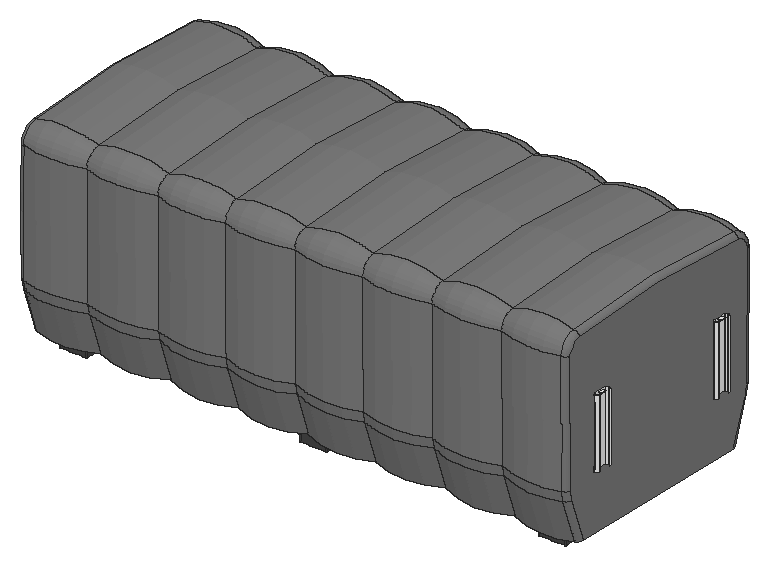
Revit family "Chair-Soft_Seating-Allermuir-Haven_Bench-HAB100M", category Furniture, Revit 2012
Parameters (values of type "HAB100M")
  ecoScorecard_data = "http://thesenatorgroup.ecoscorecard.com/product/HAB100M"
  ecoScorecard Product Page = "http://products.ecoscorecard.com/allermuir/HAB100M?action=html"
  Width = 0"
  Weight = 0.0 lbf
  Upholstered Seat = "No"
  Upholstered Back = "No"
  URL = "http://www.allermuir.net/Default.aspx"
  Subcategory = "Soft Seating"  # constant formula
  Stacks = no
  Specifications URL = ""
  Side Bracket = Metal - Allermuir - Chrome - Polished
  Seat or Top = Fabric - Allermuir - Silcoates
  Product Page URL = "http://www.allermuir.net/Products.aspx?RangeId=495"
  Product Line = "Haven Bench"  # constant formula
  Pricing URL = ""
  Plugin Data URL = "http://products.ecoscorecard.com/thesenatorgroup/HAB100M"
  Plastic Arms in Black = "No"
  Model = "HAB100M"  # constant formula
  Manufacturer Phone - Toll Free = "(888) 887 5806"  # constant formula
  Manufacturer Phone = "(419) 887 5806"  # constant formula
  Manufacturer Fax = "(419) 887 5805"  # constant formula
  Manufacturer Email = "mailto:contact@allermuir-na.com"
  Manufacturer Address = "1630 Holland Road, Maumee, Ohio 43537 "  # constant formula
  Manufacturer = "Allermuir"  # constant formula
  LEED Stats URL = ""
  Height = 0"
  Fabric Spec Sheets = "http://www.allermuir.net/Services/File.ashx?Type=B&Id=51"
  Description = ""
  Depth = 0"
  Color Availability = "See price list for material options"  # constant formula
  CAD Blocks URL = ""
  Brochure URL = ""
  Base = Plastic - Allermuir - Black
  Assembly Code = "E2020200"
  95 CSI = "12510"  # constant formula
  04 CSI = "12 51 00"  # constant formula
Reference planes (in)
  plane 1 "Center Front/Back": y = 0
  plane 2: z = 0
  plane 3 "Center Left/Right": x = 0
  plane 4: x = -23.77401
  plane 5: x = 23.77401
  plane 6: y = 10.69473
  plane 7: y = -10.69473
  plane 8: z = 18.35938
Dimensions and locks (in)
  equal spacing: plane 5, plane 3 "Center Left/Right", plane 4
  plane 4 to plane 5 = 47.54802"
  equal spacing: plane 6, plane 1 "Center Front/Back", plane 7
  plane 6 to plane 7 = 21.38946"
  plane 8 to plane 2 = 18 23/64"
  aligned and locked: plane 5 to nested 1
  aligned and locked: plane 1 "Center Front/Back" to nested 1
Nested families (in)
  nested 1: "HAB100M" at (-0.04541, 0, 0), type "HAB100M"
Definition of nested family "HAB100M"
  Parameters (values of type "HAB100M")
    URL = "http://www.allermuir.net/Default.aspx"
    Side Stand = Metal - Allermuir - Chrome - Polished
    Seat = Fabric - Allermuir - Silcoates
    Model = ""
    Manufacturer = "Allermuir"  # constant formula
    Stand = Plastic - Allermuir - Black
    Description = ""
    Assembly Code = "E2020200"
  Reference planes (in)
    plane 1 "Center Front/Back": y = 0
    plane 2: z = 0
    plane 3 "Center Left/Right": x = 0
    plane 4: y = 10.69473
    plane 5: y = -10.69473
    plane 6: z = 18.35938
    plane 7: x = -23.59363
    plane 8: x = 23.59363
  Forms (in)
    Sweep 1, solid, material "Fabric - Allermuir - Silcoates" <- "Seat"
      path origin (0, 0, 0) x (0, 1, 0) y (0, 0, 1)
        loop
          arc (8.87461, 0.96094) -> (9.53566, 2.78289) -> (10.13399, 4.6264) r 56.64354
          arc (10.13399, 4.6264) -> (10.25253, 5.09355) -> (10.32555, 5.56994) r 5
          arc (10.32555, 5.56994) -> (10.61327, 10.83959) -> (10.38059, 16.11195) r 53.52058
          arc (10.38059, 16.11195) -> (9.81768, 17.32528) -> (8.61591, 17.91249) r 2
          arc (8.61591, 17.91249) -> (-0.00186, 18.3998) -> (-8.61907, 17.90269) r 75.68169
          arc (-8.61907, 17.90269) -> (-9.8195, 17.31479) -> (-10.38152, 16.10203) r 2
          arc (-10.38152, 16.10203) -> (-10.61324, 10.83461) -> (-10.32555, 5.56994) r 53.52058
          arc (-10.32555, 5.56994) -> (-10.25253, 5.09355) -> (-10.13399, 4.6264) r 5
          arc (-10.13399, 4.6264) -> (-9.53566, 2.78289) -> (-8.87461, 0.96094) r 56.64354
      profile origin (0, -0.00186, 18.3998) x (0, 0.000569, -1) y (1, 0, 0)
        loop
          arc (0.41163, -23.15625) -> (0.57317, -23.42708) -> (0.84094, -23.59363) r 0.66797
          line (0.84094, -23.59363) -> (0.84094, 23.59363)
          arc (0.84094, 23.59363) -> (0.5612, 23.42663) -> (0.39399, 23.14702) r 0.66669
          arc (0.39399, 23.14702) -> (0.05221, 20.48428) -> (0.58881, 17.85386) r 8.19934
          arc (0.58881, 17.85386) -> (0.04726, 14.82271) -> (0.66197, 11.80553) r 8.19934
          arc (0.66197, 11.80553) -> (0.04855, 8.86509) -> (0.53527, 5.90105) r 8.19934
          arc (0.53527, 5.90105) -> (0.04851, 2.93886) -> (0.66056, 0) r 8.19934
          arc (0.66056, 0) -> (0.0484, -2.944) -> (0.53877, -5.91072) r 8.19934
          arc (0.53877, -5.91072) -> (0.04835, -8.87456) -> (0.65837, -11.81611) r 8.19934
          arc (0.65837, -11.81611) -> (0.04738, -14.81576) -> (0.5792, -17.83044) r 8.19934
          arc (0.5792, -17.83044) -> (0.05072, -20.47935) -> (0.41163, -23.15625) r 8.19934
    Extrusion 2, solid, material "Fabric - Allermuir - Silcoates" <- "Seat"
      sketch origin (0, 0, 0) x (0, 1, 0) y (0, 0, 1)
        loop
          arc (8.52064, 17.07696) -> (-0.00138, 17.55886) -> (-8.52284, 17.06727) r 74.84075
          arc (-8.52284, 17.06727) -> (-9.21852, 16.72657) -> (-9.54423, 16.02374) r 1.15906
          arc (-9.54423, 16.02374) -> (-9.77231, 10.83908) -> (-9.48914, 5.65713) r 52.67964
          arc (-9.48914, 5.65713) -> (-9.4284, 5.26086) -> (-9.3298, 4.87228) r 4.15906
          arc (-9.3298, 4.87228) -> (-8.72639, 3.01557) -> (-8.05841, 1.1811) r 55.8026
          line (-8.05841, 1.1811) -> (8.05841, 1.1811)
          arc (8.05841, 1.1811) -> (8.72639, 3.01557) -> (9.3298, 4.87228) r 55.8026
          arc (9.3298, 4.87228) -> (9.4284, 5.26086) -> (9.48914, 5.65713) r 4.15906
          arc (9.48914, 5.65713) -> (9.77233, 10.84398) -> (9.54332, 16.03349) r 52.67964
          arc (9.54332, 16.03349) -> (9.21709, 16.73666) -> (8.52064, 17.07696) r 1.15906
      from -23.59363 to 23.59363
    Extrusion 3, solid, material "Metal - Allermuir - Chrome - Polished" <- "Side Stand"
      sketch origin (-0.02849, 2.40376, 0) x (1, 0, 0) y (0, 1, 0)
        loop
          arc (23.87515, 4.7566) -> (23.823, 4.76649) -> (23.77698, 4.74005) r 0.07644
          line (23.77698, 4.74005) -> (23.63834, 4.57367)
          arc (23.63834, 4.57367) -> (23.62625, 4.55259) -> (23.62205, 4.52866) r 0.07031
          line (23.62205, 4.52866) -> (23.62205, 3.47769)
          arc (23.62205, 3.47769) -> (23.6264, 3.45299) -> (23.63894, 3.43127) r 0.07226
          line (23.63894, 3.43127) -> (23.77666, 3.26703)
          arc (23.77666, 3.26703) -> (23.82365, 3.24017) -> (23.87683, 3.2503) r 0.07813
          line (23.87683, 3.2503) -> (24.11324, 3.39268) -> (24.08276, 3.44325) -> (23.84792, 3.30184)
          arc (23.84792, 3.30184) -> (23.83304, 3.29902) -> (23.81992, 3.30656) r 0.0218
          line (23.81992, 3.30656) -> (23.69251, 3.45947)
          arc (23.69251, 3.45947) -> (23.68426, 3.47383) -> (23.6814, 3.49014) r 0.04791
          line (23.6814, 3.49014) -> (23.6814, 4.51613)
          arc (23.6814, 4.51613) -> (23.6842, 4.53209) -> (23.69227, 4.54614) r 0.04688
          line (23.69227, 4.54614) -> (23.81903, 4.69826)
          arc (23.81903, 4.69826) -> (23.83314, 4.70637) -> (23.84913, 4.70333) r 0.02344
          line (23.84913, 4.70333) -> (24.08276, 4.56263) -> (24.11324, 4.61321) -> (23.87515, 4.7566)
      from 6.15113 to 12.05664
    Extrusion 4, solid, material "Metal - Allermuir - Chrome - Polished" <- "Side Stand"
      sketch origin (-0.02849, 2.40376, 0) x (1, 0, 0) y (0, 1, 0)
        loop
          line (23.6814, 4.239) -> (23.6814, 3.76767) -> (24.03544, 3.76767) -> (24.03544, 4.239) -> (23.6814, 4.239)
      from 11.99759 to 12.05664
    Extrusion 5, solid, material "Metal - Allermuir - Chrome - Polished" <- "Side Stand"
      sketch origin (-0.02849, -10.42334, 0) x (1, 0, 0) y (0, 1, 0)
        loop
          arc (23.87515, 4.7566) -> (23.823, 4.76649) -> (23.77698, 4.74005) r 0.07644
          line (23.77698, 4.74005) -> (23.63834, 4.57367)
          arc (23.63834, 4.57367) -> (23.62625, 4.55259) -> (23.62205, 4.52866) r 0.07031
          line (23.62205, 4.52866) -> (23.62205, 3.47769)
          arc (23.62205, 3.47769) -> (23.6264, 3.45299) -> (23.63894, 3.43127) r 0.07226
          line (23.63894, 3.43127) -> (23.77666, 3.26703)
          arc (23.77666, 3.26703) -> (23.82365, 3.24017) -> (23.87683, 3.2503) r 0.07813
          line (23.87683, 3.2503) -> (24.11324, 3.39268) -> (24.08276, 3.44325) -> (23.84792, 3.30184)
          arc (23.84792, 3.30184) -> (23.83304, 3.29902) -> (23.81992, 3.30656) r 0.0218
          line (23.81992, 3.30656) -> (23.69251, 3.45947)
          arc (23.69251, 3.45947) -> (23.68426, 3.47383) -> (23.6814, 3.49014) r 0.04791
          line (23.6814, 3.49014) -> (23.6814, 4.51613)
          arc (23.6814, 4.51613) -> (23.6842, 4.53209) -> (23.69227, 4.54614) r 0.04688
          line (23.69227, 4.54614) -> (23.81903, 4.69826)
          arc (23.81903, 4.69826) -> (23.83314, 4.70637) -> (23.84913, 4.70333) r 0.02344
          line (23.84913, 4.70333) -> (24.08276, 4.56263) -> (24.11324, 4.61321) -> (23.87515, 4.7566)
      from 6.15113 to 12.05664
    Extrusion 6, solid, material "Metal - Allermuir - Chrome - Polished" <- "Side Stand"
      sketch origin (-0.02849, -10.42334, 0) x (1, 0, 0) y (0, 1, 0)
        loop
          line (23.6814, 4.239) -> (23.6814, 3.76767) -> (24.03544, 3.76767) -> (24.03544, 4.239) -> (23.6814, 4.239)
      from 11.99759 to 12.05664
    Extrusion 7, solid, material "Metal - Allermuir - Chrome - Polished" <- "Side Stand"
      sketch origin (0.028, 2.40376, 0) x (-1, 0, 0) y (0, -1, 0)
        loop
          line (23.87515, -4.7566) -> (24.11324, -4.61321) -> (24.08276, -4.56263) -> (23.84913, -4.70333)
          arc (23.84913, -4.70333) -> (23.83314, -4.70637) -> (23.81903, -4.69826) r 0.02344
          line (23.81903, -4.69826) -> (23.69227, -4.54614)
          arc (23.69227, -4.54614) -> (23.6842, -4.53209) -> (23.6814, -4.51613) r 0.04688
          line (23.6814, -4.51613) -> (23.6814, -3.49014)
          arc (23.6814, -3.49014) -> (23.68426, -3.47383) -> (23.69251, -3.45947) r 0.04791
          line (23.69251, -3.45947) -> (23.81992, -3.30656)
          arc (23.81992, -3.30656) -> (23.83304, -3.29902) -> (23.84792, -3.30184) r 0.0218
          line (23.84792, -3.30184) -> (24.08276, -3.44325) -> (24.11324, -3.39268) -> (23.87683, -3.2503)
          arc (23.87683, -3.2503) -> (23.82365, -3.24017) -> (23.77666, -3.26703) r 0.07813
          line (23.77666, -3.26703) -> (23.63894, -3.43127)
          arc (23.63894, -3.43127) -> (23.6264, -3.45299) -> (23.62205, -3.47769) r 0.07226
          line (23.62205, -3.47769) -> (23.62205, -4.52866)
          arc (23.62205, -4.52866) -> (23.62625, -4.55259) -> (23.63834, -4.57367) r 0.07031
          line (23.63834, -4.57367) -> (23.77698, -4.74005)
          arc (23.77698, -4.74005) -> (23.823, -4.76649) -> (23.87515, -4.7566) r 0.07644
      from 6.15113 to 12.05664
    Extrusion 8, solid, material "Metal - Allermuir - Chrome - Polished" <- "Side Stand"
      sketch origin (0.028, 2.40376, 0) x (-1, 0, 0) y (0, -1, 0)
        loop
          line (23.6814, -4.239) -> (24.03544, -4.239) -> (24.03544, -3.76767) -> (23.6814, -3.76767) -> (23.6814, -4.239)
      from 11.99759 to 12.05664
    Extrusion 9, solid, material "Metal - Allermuir - Chrome - Polished" <- "Side Stand"
      sketch origin (0.028, -10.42334, 0) x (-1, 0, 0) y (0, -1, 0)
        loop
          line (23.87515, -4.7566) -> (24.11324, -4.61321) -> (24.08276, -4.56263) -> (23.84913, -4.70333)
          arc (23.84913, -4.70333) -> (23.83314, -4.70637) -> (23.81903, -4.69826) r 0.02344
          line (23.81903, -4.69826) -> (23.69227, -4.54614)
          arc (23.69227, -4.54614) -> (23.6842, -4.53209) -> (23.6814, -4.51613) r 0.04688
          line (23.6814, -4.51613) -> (23.6814, -3.49014)
          arc (23.6814, -3.49014) -> (23.68426, -3.47383) -> (23.69251, -3.45947) r 0.04791
          line (23.69251, -3.45947) -> (23.81992, -3.30656)
          arc (23.81992, -3.30656) -> (23.83304, -3.29902) -> (23.84792, -3.30184) r 0.0218
          line (23.84792, -3.30184) -> (24.08276, -3.44325) -> (24.11324, -3.39268) -> (23.87683, -3.2503)
          arc (23.87683, -3.2503) -> (23.82365, -3.24017) -> (23.77666, -3.26703) r 0.07813
          line (23.77666, -3.26703) -> (23.63894, -3.43127)
          arc (23.63894, -3.43127) -> (23.6264, -3.45299) -> (23.62205, -3.47769) r 0.07226
          line (23.62205, -3.47769) -> (23.62205, -4.52866)
          arc (23.62205, -4.52866) -> (23.62625, -4.55259) -> (23.63834, -4.57367) r 0.07031
          line (23.63834, -4.57367) -> (23.77698, -4.74005)
          arc (23.77698, -4.74005) -> (23.823, -4.76649) -> (23.87515, -4.7566) r 0.07644
      from 6.15113 to 12.05664
    Extrusion 10, solid, material "Metal - Allermuir - Chrome - Polished" <- "Side Stand"
      sketch origin (0.028, -10.42334, 0) x (-1, 0, 0) y (0, -1, 0)
        loop
          line (23.6814, -4.239) -> (24.03544, -4.239) -> (24.03544, -3.76767) -> (23.6814, -3.76767) -> (23.6814, -4.239)
      from 11.99759 to 12.05664
  Cuts and joins
    joined: Sweep 1, Extrusion 2
    joined: Extrusion 3, Extrusion 4
  Lines and regions (in)
    symbolic lines, style "Sofa"
      curve 1: line (-23.59363, 9.63635, 0) -> (-23.59363, -9.77305, 0)
      curve 2: line (-17.83044, -10.03456, 0) -> (-17.83044, 10.03456, 0)
      curve 3: line (-11.81611, -9.95562, 0) -> (-11.81611, 9.95562, 0)
      curve 4: line (-5.91072, -10.07522, 0) -> (-5.91072, 10.07522, 0)
      curve 5: line (0, -9.95344, 0) -> (0, 9.95344, 0)
      curve 6: line (5.90105, -10.07872, 0) -> (5.90105, 10.07872, 0)
      curve 7: line (11.80553, -9.95203, 0) -> (11.80553, 9.95203, 0)
      curve 8: line (17.85386, -10.02518, 0) -> (17.85386, 10.02518, 0)
      curve 9: line (23.59361, -9.77306, 0) -> (23.59361, 9.77306, 0)
      curve 10: arc (-23.1947, 10.18225, 0) -> (-20.50004, 10.56349, 0) -> (-17.83044, 10.03456, 0) r 8.13448
      curve 11: arc (-23.1947, 10.18225, 0) -> (-23.48327, 9.97442, 0) -> (-23.59363, 9.63635, 0) r 0.57297
      curve 12: arc (-17.83044, 10.03456, 0) -> (-14.81584, 10.5615, 0) -> (-11.81611, 9.95562, 0) r 8.26678
      curve 13: arc (-11.81611, 9.95562, 0) -> (-8.87458, 10.56674, 0) -> (-5.91072, 10.07522, 0) r 8.18422
      curve 14: arc (-5.91072, 10.07522, 0) -> (-2.94395, 10.56788, 0) -> (0, 9.95344, 0) r 8.16766
      curve 15: arc (0, 9.95344, 0) -> (2.93881, 10.56772, 0) -> (5.90105, 10.07872, 0) r 8.16827
      curve 16: arc (5.90105, 10.07872, 0) -> (8.86523, 10.57174, 0) -> (11.80553, 9.95203, 0) r 8.11274
      curve 17: arc (11.80553, 9.95203, 0) -> (14.82284, 10.55573, 0) -> (17.85386, 10.02518, 0) r 8.34717
      curve 18: arc (17.85386, 10.02518, 0) -> (20.48418, 10.56973, 0) -> (23.14736, 10.21957, 0) r 8.05868
      curve 19: arc (23.14736, 10.21957, 0) -> (23.42601, 10.05181, 0) -> (23.59361, 9.77306, 0) r 0.67382
      curve 20: arc (-23.1947, -10.18225, 0) -> (-20.50004, -10.56349, 0) -> (-17.83044, -10.03456, 0) r 8.13448
      curve 21: arc (-23.1947, -10.18225, 0) -> (-23.48327, -9.97442, 0) -> (-23.59363, -9.63635, 0) r 0.57297
      curve 22: arc (-17.83044, -10.03456, 0) -> (-14.81584, -10.5615, 0) -> (-11.81611, -9.95562, 0) r 8.26678
      curve 23: arc (-11.81611, -9.95562, 0) -> (-8.87458, -10.56674, 0) -> (-5.91072, -10.07522, 0) r 8.18422
      curve 24: arc (-5.91072, -10.07522, 0) -> (-2.94395, -10.56788, 0) -> (0, -9.95344, 0) r 8.16766
      curve 25: arc (0, -9.95344, 0) -> (2.93881, -10.56772, 0) -> (5.90105, -10.07872, 0) r 8.16827
      curve 26: arc (5.90105, -10.07872, 0) -> (8.86523, -10.57174, 0) -> (11.80553, -9.95203, 0) r 8.11274
      curve 27: arc (11.80553, -9.95203, 0) -> (14.82284, -10.55573, 0) -> (17.85386, -10.02518, 0) r 8.34717
      curve 28: arc (17.85386, -10.02518, 0) -> (20.48418, -10.56973, 0) -> (23.14736, -10.21957, 0) r 8.05868
      curve 29: arc (23.14736, -10.21957, 0) -> (23.42601, -10.05181, 0) -> (23.59361, -9.77306, 0) r 0.67382
    symbolic lines, style "Side Bracket"
      curve 30: line (-23.84715, 7.16036, 0) -> (-24.08524, 7.01697, 0)
      curve 31: arc (-23.74898, 7.14381, 0) -> (-23.795, 7.17025, 0) -> (-23.84715, 7.16036, 0) r 0.07644
      curve 32: line (-23.61034, 6.97743, 0) -> (-23.74898, 7.14381, 0)
      curve 33: line (-23.79103, 7.10202, 0) -> (-23.66426, 6.9499, 0)
      curve 34: line (-24.05476, 6.96639, 0) -> (-23.82113, 7.10709, 0)
      curve 35: arc (-23.82113, 7.10709, 0) -> (-23.80514, 7.11013, 0) -> (-23.79103, 7.10202, 0) r 0.02344
      curve 36: line (-24.08524, 7.01697, 0) -> (-24.05476, 6.96639, 0)
      curve 37: arc (-23.59404, 6.93242, 0) -> (-23.59824, 6.95636, 0) -> (-23.61034, 6.97743, 0) r 0.07031
      curve 38: arc (-23.66426, 6.9499, 0) -> (-23.6562, 6.93585, 0) -> (-23.6534, 6.91989, 0) r 0.04688
      curve 39: line (-23.6534, 6.91989, 0) -> (-23.6534, 5.8939, 0)
      curve 40: arc (-23.6534, 5.8939, 0) -> (-23.65626, 5.87759, 0) -> (-23.6645, 5.86323, 0) r 0.04791
      curve 41: line (-23.6645, 5.86323, 0) -> (-23.79191, 5.71032, 0)
      curve 42: arc (-23.79191, 5.71032, 0) -> (-23.80504, 5.70278, 0) -> (-23.81991, 5.7056, 0) r 0.0218
      curve 43: line (-23.81991, 5.7056, 0) -> (-24.05476, 5.84701, 0)
      curve 44: line (-24.05476, 5.84701, 0) -> (-24.08524, 5.79644, 0)
      curve 45: line (-24.08524, 5.79644, 0) -> (-23.84882, 5.65406, 0)
      curve 46: arc (-23.84882, 5.65406, 0) -> (-23.79565, 5.64393, 0) -> (-23.74865, 5.67079, 0) r 0.07813
      curve 47: line (-23.74865, 5.67079, 0) -> (-23.61093, 5.83503, 0)
      curve 48: arc (-23.61093, 5.83503, 0) -> (-23.5984, 5.85675, 0) -> (-23.59404, 5.88145, 0) r 0.07226
      curve 49: line (-23.6534, 6.64276, 0) -> (-24.00743, 6.64276, 0)
      curve 50: line (-24.00743, 6.64276, 0) -> (-24.00743, 6.17143, 0)
      curve 51: line (-24.00743, 6.17143, 0) -> (-23.6534, 6.17143, 0)
      curve 52: line (-24.08524, -7.03066, 0) -> (-23.84882, -7.17304, 0)
      curve 53: line (-24.05476, -6.98008, 0) -> (-24.08524, -7.03066, 0)
      curve 54: line (-23.81991, -7.1215, 0) -> (-24.05476, -6.98008, 0)
      curve 55: arc (-23.79191, -7.11677, 0) -> (-23.80504, -7.12432, 0) -> (-23.81991, -7.1215, 0) r 0.0218
      curve 56: line (-23.6645, -6.96387, 0) -> (-23.79191, -7.11677, 0)
      curve 57: arc (-23.84882, -7.17304, 0) -> (-23.79565, -7.18317, 0) -> (-23.74865, -7.15631, 0) r 0.07813
      curve 58: line (-23.74865, -7.15631, 0) -> (-23.61093, -6.99207, 0)
      curve 59: arc (-23.61093, -6.99207, 0) -> (-23.5984, -6.97035, 0) -> (-23.59404, -6.94564, 0) r 0.07226
      curve 60: arc (-23.6534, -6.9332, 0) -> (-23.65626, -6.94951, 0) -> (-23.6645, -6.96387, 0) r 0.04791
      curve 61: line (-23.6534, -5.9072, 0) -> (-23.6534, -6.9332, 0)
      curve 62: arc (-23.59404, -5.89468, 0) -> (-23.59824, -5.87074, 0) -> (-23.61034, -5.84967, 0) r 0.07031
      curve 63: line (-23.61034, -5.84967, 0) -> (-23.74898, -5.68329, 0)
      curve 64: line (-23.79103, -5.72508, 0) -> (-23.66426, -5.8772, 0)
      curve 65: arc (-23.66426, -5.8772, 0) -> (-23.6562, -5.89125, 0) -> (-23.6534, -5.9072, 0) r 0.04688
      curve 66: arc (-23.74898, -5.68329, 0) -> (-23.795, -5.65684, 0) -> (-23.84715, -5.66674, 0) r 0.07644
      curve 67: arc (-23.82113, -5.72001, 0) -> (-23.80514, -5.71697, 0) -> (-23.79103, -5.72508, 0) r 0.02344
      curve 68: line (-24.05476, -5.86071, 0) -> (-23.82113, -5.72001, 0)
      curve 69: line (-23.84715, -5.66674, 0) -> (-24.08524, -5.81012, 0)
      curve 70: line (-24.08524, -5.81012, 0) -> (-24.05476, -5.86071, 0)
      curve 71: line (-23.6534, -6.18434, 0) -> (-24.00743, -6.18434, 0)
      curve 72: line (-24.00743, -6.18434, 0) -> (-24.00743, -6.65567, 0)
      curve 73: line (-24.00743, -6.65567, 0) -> (-23.6534, -6.65567, 0)
      curve 74: line (24.05427, 6.96639, 0) -> (24.08475, 7.01697, 0)
      curve 75: line (24.08475, 7.01697, 0) -> (23.84666, 7.16036, 0)
      curve 76: line (23.82064, 7.10709, 0) -> (24.05427, 6.96639, 0)
      curve 77: arc (23.84666, 7.16036, 0) -> (23.79451, 7.17025, 0) -> (23.74849, 7.14381, 0) r 0.07644
      curve 78: arc (23.79054, 7.10202, 0) -> (23.80465, 7.11013, 0) -> (23.82064, 7.10709, 0) r 0.02344
      curve 79: line (23.66378, 6.9499, 0) -> (23.79054, 7.10202, 0)
      curve 80: line (23.74849, 7.14381, 0) -> (23.60989, 6.97742, 0)
      curve 81: arc (23.65291, 6.91989, 0) -> (23.65571, 6.93585, 0) -> (23.66378, 6.9499, 0) r 0.04688
      curve 82: arc (23.60989, 6.97742, 0) -> (23.5978, 6.95635, 0) -> (23.59361, 6.93243, 0) r 0.07029
      curve 83: line (23.65291, 5.8939, 0) -> (23.65291, 6.91989, 0)
      curve 84: arc (23.66401, 5.86323, 0) -> (23.65577, 5.87759, 0) -> (23.65291, 5.8939, 0) r 0.04791
      curve 85: line (23.79143, 5.71032, 0) -> (23.66401, 5.86323, 0)
      curve 86: line (23.61045, 5.83503, 0) -> (23.74817, 5.67079, 0)
      curve 87: arc (23.59356, 5.88145, 0) -> (23.59791, 5.85675, 0) -> (23.61045, 5.83503, 0) r 0.07226
      curve 88: arc (23.74817, 5.67079, 0) -> (23.79516, 5.64393, 0) -> (23.84833, 5.65406, 0) r 0.07813
      curve 89: arc (23.81942, 5.7056, 0) -> (23.80455, 5.70278, 0) -> (23.79143, 5.71032, 0) r 0.0218
      curve 90: line (24.05427, 5.84701, 0) -> (23.81942, 5.7056, 0)
      curve 91: line (23.84833, 5.65406, 0) -> (24.08475, 5.79644, 0)
      curve 92: line (24.08475, 5.79644, 0) -> (24.05427, 5.84701, 0)
      curve 93: line (23.65291, 6.17143, 0) -> (24.00694, 6.17143, 0)
      curve 94: line (24.00694, 6.17143, 0) -> (24.00694, 6.64276, 0)
      curve 95: line (24.00694, 6.64276, 0) -> (23.65291, 6.64276, 0)
      curve 96: line (24.08475, -5.81012, 0) -> (23.84666, -5.66674, 0)
      curve 97: line (23.82064, -5.72001, 0) -> (24.05427, -5.86071, 0)
      curve 98: line (24.05427, -5.86071, 0) -> (24.08475, -5.81012, 0)
      curve 99: line (23.74849, -5.68329, 0) -> (23.60985, -5.84967, 0)
      curve 100: line (23.66378, -5.8772, 0) -> (23.79054, -5.72508, 0)
      curve 101: arc (23.79054, -5.72508, 0) -> (23.80465, -5.71697, 0) -> (23.82064, -5.72001, 0) r 0.02344
      curve 102: arc (23.84666, -5.66674, 0) -> (23.79451, -5.65684, 0) -> (23.74849, -5.68329, 0) r 0.07644
      curve 103: arc (23.65291, -5.9072, 0) -> (23.65571, -5.89125, 0) -> (23.66378, -5.8772, 0) r 0.04688
      curve 104: arc (23.60985, -5.84967, 0) -> (23.59776, -5.87074, 0) -> (23.59356, -5.89468, 0) r 0.07031
      curve 105: line (23.65291, -6.9332, 0) -> (23.65291, -5.9072, 0)
      curve 106: arc (23.59356, -6.94564, 0) -> (23.59791, -6.97035, 0) -> (23.61045, -6.99207, 0) r 0.07226
      curve 107: line (23.61045, -6.99207, 0) -> (23.74817, -7.15631, 0)
      curve 108: arc (23.66401, -6.96387, 0) -> (23.65577, -6.94951, 0) -> (23.65291, -6.9332, 0) r 0.04791
      curve 109: line (23.79143, -7.11677, 0) -> (23.66401, -6.96387, 0)
      curve 110: arc (23.74817, -7.15631, 0) -> (23.79516, -7.18317, 0) -> (23.84833, -7.17304, 0) r 0.07813
      curve 111: line (23.84833, -7.17304, 0) -> (24.08475, -7.03066, 0)
      curve 112: line (24.05427, -6.98008, 0) -> (23.81942, -7.1215, 0)
      curve 113: arc (23.81942, -7.1215, 0) -> (23.80455, -7.12432, 0) -> (23.79143, -7.11677, 0) r 0.0218
      curve 114: line (24.08475, -7.03066, 0) -> (24.05427, -6.98008, 0)
      curve 115: line (24.00694, -6.18434, 0) -> (23.65291, -6.18434, 0)
      curve 116: line (24.00694, -6.65567, 0) -> (24.00694, -6.18434, 0)
      curve 117: line (23.65291, -6.65567, 0) -> (24.00694, -6.65567, 0)
  Dimensions and locks (in)
    plane 4 to plane 5 = 21.38946"
    plane 6 to level = 18 23/64"
    equal spacing: plane 7, plane 3 "Center Left/Right", plane 8
    aligned and locked: Extrusion 2 to Sweep 1  (x2)
    aligned and locked: plane 8 to Sweep 1 sketch curve
  Automatic sketch dimensions
    Sweep 1 sketch curve to plane 3 "Center Left/Right" = 0"
    Sweep 1 sketch curve to profile plane = 0.39399"
    Sweep 1 sketch curve to Sweep 1 sketch curve = 0"  (x14)
    Sweep 1 sketch curve to profile plane = 0.41163"
    Sweep 1 sketch curve to profile plane = 0.53527"
    Sweep 1 sketch curve to profile plane = 0.53877"
    Sweep 1 sketch curve to profile plane = 0.5792"
    Sweep 1 sketch curve to profile plane = 0.58881"
    Sweep 1 sketch curve to profile plane = 0.65837"
    Sweep 1 sketch curve to profile plane = 0.66056"
    Sweep 1 sketch curve to profile plane = 0.66197"
    Sweep 1 sketch curve to Sweep 1 sketch curve = 0.44695"
    Sweep 1 sketch curve to Sweep 1 sketch curve = 0.63845"
    Sweep 1 sketch curve to Sweep 1 sketch curve = 0.63824"
    Sweep 1 sketch curve to plane 3 "Center Left/Right" = 3.1129"
    Sweep 1 sketch curve to Sweep 1 sketch curve = 7.70723"
    Sweep 1 sketch curve to Sweep 1 sketch curve = 7.66681"
    Sweep 1 sketch curve to Sweep 1 sketch curve = 5.59563"
    Sweep 1 sketch curve to Sweep 1 sketch curve = 6.21516"
    Sweep 1 sketch curve to Sweep 1 sketch curve = 5.8135"
    plane 3 "Center Left/Right" to Sweep 1 sketch curve = 3.1129"
    Sweep 1 sketch curve to Sweep 1 sketch curve = 5.5763"
    Sweep 1 sketch curve to Sweep 1 sketch curve = 6.23267"
    Sweep 1 sketch curve to Sweep 1 sketch curve = 5.86399"
    plane 6 to Extrusion 2 sketch curve = 2.82908"
    plane 5 to Extrusion 2 sketch curve = 33.33943"
    Extrusion 2 sketch curve to Extrusion 2 sketch curve = 1.12758"
    Extrusion 2 sketch curve to plane 5 = 1.1505"
    Extrusion 2 sketch curve to Extrusion 2 sketch curve = 0"  (x8)
    Extrusion 2 sketch curve to plane 5 = 1.20559"
    Extrusion 2 sketch curve to Extrusion 2 sketch curve = 0.15934"  (x2)
    Extrusion 2 sketch curve to Extrusion 2 sketch curve = 1.02139"
    Extrusion 2 sketch curve to Extrusion 2 sketch curve = 1.15402"
    level to Extrusion 2 sketch curve = 1.1811"
    Extrusion 2 sketch curve to plane 5 = 2.63632"
    Extrusion 2 sketch curve to Extrusion 2 sketch curve = 4.13664"
    Extrusion 2 sketch curve to plane 1 "Center Front/Back" = 0.04119"
    Extrusion 2 sketch curve to plane 4 = 5.34224"
    Extrusion 2 sketch curve to plane 4 = 2.63632"
    Extrusion 2 sketch curve to plane 4 = 2.30542"
    Extrusion 2 sketch curve to Extrusion 2 sketch curve = 0.13132"
    Extrusion 2 sketch curve to plane 4 = 1.36493"
    Extrusion 2 sketch curve to plane 4 = 1.15141"
    level to Extrusion 2 sketch curve = 11.11903"
    plane 8 to Extrusion 3 sketch curve = 0.00007"
    Extrusion 3 sketch curve to plane 8 = 0.01622"
    Extrusion 3 sketch curve to plane 8 = 0.01682"
    Extrusion 3 sketch curve to plane 8 = 0.05928"
    Extrusion 3 sketch curve to plane 8 = 0.07015"
    Extrusion 3 sketch curve to Extrusion 3 sketch curve = 0.01096"
    Extrusion 3 sketch curve to plane 8 = 0.07039"
    Extrusion 3 sketch curve to Extrusion 3 sketch curve = 0.0129"
    Extrusion 3 sketch curve to Extrusion 3 sketch curve = 0.03592"
    Extrusion 3 sketch curve to Extrusion 3 sketch curve = 0.03501"
    Extrusion 3 sketch curve to plane 8 = 0.15454"
    Extrusion 3 sketch curve to plane 8 = 0.15486"
    Extrusion 3 sketch curve to Extrusion 3 sketch curve = 0.04205"
    Extrusion 3 sketch curve to Extrusion 3 sketch curve = 0.04326"
    Extrusion 3 sketch curve to Extrusion 3 sketch curve = 0.01668"
    Extrusion 3 sketch curve to Extrusion 3 sketch curve = 0.0166"
    Extrusion 3 sketch curve to Extrusion 3 sketch curve = 0.00015"
    Extrusion 3 sketch curve to Extrusion 3 sketch curve = 0.00132"
    Extrusion 3 sketch curve to Extrusion 3 sketch curve = 0.01139"
    Extrusion 3 sketch curve to Extrusion 3 sketch curve = 0.01342"
    Extrusion 3 sketch curve to Extrusion 3 sketch curve = 0.02602"
    Extrusion 3 sketch curve to Extrusion 3 sketch curve = 0.02891"
    Extrusion 3 sketch curve to Extrusion 3 sketch curve = 0.23363"
    Extrusion 3 sketch curve to Extrusion 3 sketch curve = 0.23485"
    Extrusion 3 sketch curve to Extrusion 3 sketch curve = 0.03048"  (x2)
    Extrusion 3 sketch curve to plane 4 = 5.04067"
    Extrusion 3 sketch curve to Extrusion 3 sketch curve = 0.01673"
    Extrusion 3 sketch curve to Extrusion 3 sketch curve = 0.01538"
    Extrusion 3 sketch curve to Extrusion 3 sketch curve = 0.01066"
    Extrusion 3 sketch curve to Extrusion 3 sketch curve = 0.14238"
    Extrusion 3 sketch curve to Extrusion 3 sketch curve = 0.16424"
    Extrusion 3 sketch curve to Extrusion 3 sketch curve = 0.05058"  (x2)
    Extrusion 3 sketch curve to Extrusion 3 sketch curve = 0.01823"
    Extrusion 3 sketch curve to Extrusion 3 sketch curve = 1.026"
    Extrusion 3 sketch curve to Extrusion 3 sketch curve = 0.01253"
    Extrusion 3 sketch curve to Extrusion 3 sketch curve = 0.0465"
    Extrusion 3 sketch curve to Extrusion 3 sketch curve = 0.13711"
    Extrusion 3 sketch curve to Extrusion 3 sketch curve = 0.00786"
    Extrusion 3 sketch curve to Extrusion 3 sketch curve = 0.00715"
    Extrusion 3 sketch curve to Extrusion 3 sketch curve = 0.04179"
    Extrusion 4 sketch curve to plane 8 = 0.05928"
    Extrusion 4 sketch curve to Extrusion 4 sketch curve = 0.35403"
    Extrusion 4 sketch curve to plane 4 = 4.5233"
    Extrusion 4 sketch curve to Extrusion 4 sketch curve = 0.47133"
    plane 8 to Extrusion 5 sketch curve = 0.00007"
    Extrusion 5 sketch curve to plane 8 = 0.01622"
    Extrusion 5 sketch curve to plane 8 = 0.01682"
    Extrusion 5 sketch curve to plane 8 = 0.05928"
    Extrusion 5 sketch curve to plane 8 = 0.07015"
    Extrusion 5 sketch curve to Extrusion 5 sketch curve = 0.01096"
    Extrusion 5 sketch curve to plane 8 = 0.07039"
    Extrusion 5 sketch curve to Extrusion 5 sketch curve = 0.0129"
    Extrusion 5 sketch curve to Extrusion 5 sketch curve = 0.03592"
    Extrusion 5 sketch curve to Extrusion 5 sketch curve = 0.03501"
    Extrusion 5 sketch curve to plane 8 = 0.15454"
    Extrusion 5 sketch curve to plane 8 = 0.15486"
    Extrusion 5 sketch curve to Extrusion 5 sketch curve = 0.04205"
    Extrusion 5 sketch curve to Extrusion 5 sketch curve = 0.04326"
    Extrusion 5 sketch curve to Extrusion 5 sketch curve = 0.01668"
    Extrusion 5 sketch curve to Extrusion 5 sketch curve = 0.0166"
    Extrusion 5 sketch curve to Extrusion 5 sketch curve = 0.00015"
    Extrusion 5 sketch curve to Extrusion 5 sketch curve = 0.00132"
    Extrusion 5 sketch curve to Extrusion 5 sketch curve = 0.01139"
    Extrusion 5 sketch curve to Extrusion 5 sketch curve = 0.01342"
    Extrusion 5 sketch curve to Extrusion 5 sketch curve = 0.02602"
    Extrusion 5 sketch curve to Extrusion 5 sketch curve = 0.02891"
    Extrusion 5 sketch curve to Extrusion 5 sketch curve = 0.23363"
    Extrusion 5 sketch curve to Extrusion 5 sketch curve = 0.23485"
    Extrusion 5 sketch curve to Extrusion 5 sketch curve = 0.03048"  (x2)
    Extrusion 5 sketch curve to plane 5 = 3.52169"
    Extrusion 5 sketch curve to Extrusion 5 sketch curve = 0.01673"
    Extrusion 5 sketch curve to Extrusion 5 sketch curve = 0.01538"
    Extrusion 5 sketch curve to Extrusion 5 sketch curve = 0.01066"
    Extrusion 5 sketch curve to Extrusion 5 sketch curve = 0.14238"
    Extrusion 5 sketch curve to Extrusion 5 sketch curve = 0.16424"
    Extrusion 5 sketch curve to Extrusion 5 sketch curve = 0.05058"  (x2)
    Extrusion 5 sketch curve to Extrusion 5 sketch curve = 0.01823"
    Extrusion 5 sketch curve to Extrusion 5 sketch curve = 1.026"
    Extrusion 5 sketch curve to Extrusion 5 sketch curve = 0.01253"
    Extrusion 5 sketch curve to Extrusion 5 sketch curve = 0.0465"
    Extrusion 5 sketch curve to Extrusion 5 sketch curve = 0.13711"
    Extrusion 5 sketch curve to Extrusion 5 sketch curve = 0.00786"
    Extrusion 5 sketch curve to Extrusion 5 sketch curve = 0.00715"
    Extrusion 5 sketch curve to Extrusion 5 sketch curve = 0.04179"
    Extrusion 6 sketch curve to plane 8 = 0.05928"
    Extrusion 6 sketch curve to Extrusion 6 sketch curve = 0.35403"
    Extrusion 6 sketch curve to plane 5 = 4 5/128"
    Extrusion 6 sketch curve to Extrusion 6 sketch curve = 0.47133"
    Extrusion 7 sketch curve to plane 7 = 0.00041"
    Extrusion 7 sketch curve to plane 7 = 0.01671"
    Extrusion 7 sketch curve to plane 7 = 0.0173"
    Extrusion 7 sketch curve to plane 7 = 0.05977"
    Extrusion 7 sketch curve to plane 7 = 0.07063"
    Extrusion 7 sketch curve to Extrusion 7 sketch curve = 0.01096"
    Extrusion 7 sketch curve to plane 7 = 0.07087"
    Extrusion 7 sketch curve to Extrusion 7 sketch curve = 0.0129"
    Extrusion 7 sketch curve to Extrusion 7 sketch curve = 0.03592"
    Extrusion 7 sketch curve to Extrusion 7 sketch curve = 0.03501"
    Extrusion 7 sketch curve to plane 7 = 0.15502"
    Extrusion 7 sketch curve to plane 7 = 0.15535"
    Extrusion 7 sketch curve to Extrusion 7 sketch curve = 0.04205"
    Extrusion 7 sketch curve to Extrusion 7 sketch curve = 0.04326"
    Extrusion 7 sketch curve to Extrusion 7 sketch curve = 0.01668"
    Extrusion 7 sketch curve to Extrusion 7 sketch curve = 0.0166"
    Extrusion 7 sketch curve to Extrusion 7 sketch curve = 0.00015"
    Extrusion 7 sketch curve to Extrusion 7 sketch curve = 0.00132"
    Extrusion 7 sketch curve to Extrusion 7 sketch curve = 0.01139"
    Extrusion 7 sketch curve to Extrusion 7 sketch curve = 0.01342"
    Extrusion 7 sketch curve to Extrusion 7 sketch curve = 0.02602"
    Extrusion 7 sketch curve to Extrusion 7 sketch curve = 0.02891"
    Extrusion 7 sketch curve to Extrusion 7 sketch curve = 0.23363"
    Extrusion 7 sketch curve to Extrusion 7 sketch curve = 0.23485"
    Extrusion 7 sketch curve to Extrusion 7 sketch curve = 0.03048"  (x2)
    Extrusion 7 sketch curve to plane 4 = 3.53437"
    Extrusion 7 sketch curve to Extrusion 7 sketch curve = 0.01655"
    Extrusion 7 sketch curve to Extrusion 7 sketch curve = 0.01222"
    Extrusion 7 sketch curve to Extrusion 7 sketch curve = 0.00715"
    Extrusion 7 sketch curve to Extrusion 7 sketch curve = 0.14339"
    Extrusion 7 sketch curve to Extrusion 7 sketch curve = 0.16638"
    Extrusion 7 sketch curve to Extrusion 7 sketch curve = 0.05058"  (x2)
    Extrusion 7 sketch curve to Extrusion 7 sketch curve = 0.01748"
    Extrusion 7 sketch curve to Extrusion 7 sketch curve = 1.026"
    Extrusion 7 sketch curve to Extrusion 7 sketch curve = 0.01244"
    Extrusion 7 sketch curve to Extrusion 7 sketch curve = 3/64"
    Extrusion 7 sketch curve to Extrusion 7 sketch curve = 0.13895"
    Extrusion 7 sketch curve to Extrusion 7 sketch curve = 0.0033"
    Extrusion 7 sketch curve to Extrusion 7 sketch curve = 0.01066"
    Extrusion 7 sketch curve to Extrusion 7 sketch curve = 0.03954"
    Extrusion 8 sketch curve to plane 7 = 0.05977"
    Extrusion 8 sketch curve to Extrusion 8 sketch curve = 0.35403"
    Extrusion 8 sketch curve to plane 4 = 4.05197"
    Extrusion 8 sketch curve to Extrusion 8 sketch curve = 0.47133"
    Extrusion 9 sketch curve to plane 7 = 0.00041"
    Extrusion 9 sketch curve to plane 7 = 0.01671"
    Extrusion 9 sketch curve to plane 7 = 0.0173"
    Extrusion 9 sketch curve to plane 7 = 0.05977"
    Extrusion 9 sketch curve to plane 7 = 0.07063"
    Extrusion 9 sketch curve to Extrusion 9 sketch curve = 0.01096"
    Extrusion 9 sketch curve to plane 7 = 0.07087"
    Extrusion 9 sketch curve to Extrusion 9 sketch curve = 0.0129"
    Extrusion 9 sketch curve to Extrusion 9 sketch curve = 0.03592"
    Extrusion 9 sketch curve to Extrusion 9 sketch curve = 0.03501"
    Extrusion 9 sketch curve to plane 7 = 0.15502"
    Extrusion 9 sketch curve to plane 7 = 0.15535"
    Extrusion 9 sketch curve to Extrusion 9 sketch curve = 0.04205"
    Extrusion 9 sketch curve to Extrusion 9 sketch curve = 0.04326"
    Extrusion 9 sketch curve to Extrusion 9 sketch curve = 0.01668"
    Extrusion 9 sketch curve to Extrusion 9 sketch curve = 0.0166"
    Extrusion 9 sketch curve to Extrusion 9 sketch curve = 0.00015"
    Extrusion 9 sketch curve to Extrusion 9 sketch curve = 0.00132"
    Extrusion 9 sketch curve to Extrusion 9 sketch curve = 0.01139"
    Extrusion 9 sketch curve to Extrusion 9 sketch curve = 0.01342"
    Extrusion 9 sketch curve to Extrusion 9 sketch curve = 0.02602"
    Extrusion 9 sketch curve to Extrusion 9 sketch curve = 0.02891"
    Extrusion 9 sketch curve to Extrusion 9 sketch curve = 0.23363"
    Extrusion 9 sketch curve to Extrusion 9 sketch curve = 0.23485"
    Extrusion 9 sketch curve to Extrusion 9 sketch curve = 0.03048"  (x2)
    Extrusion 9 sketch curve to plane 5 = 5.02799"
    Extrusion 9 sketch curve to Extrusion 9 sketch curve = 0.01655"
    Extrusion 9 sketch curve to Extrusion 9 sketch curve = 0.01222"
    Extrusion 9 sketch curve to Extrusion 9 sketch curve = 0.00715"
    Extrusion 9 sketch curve to Extrusion 9 sketch curve = 0.14339"
    Extrusion 9 sketch curve to Extrusion 9 sketch curve = 0.16638"
    Extrusion 9 sketch curve to Extrusion 9 sketch curve = 0.05058"  (x2)
    Extrusion 9 sketch curve to Extrusion 9 sketch curve = 0.01748"
    Extrusion 9 sketch curve to Extrusion 9 sketch curve = 1.026"
    Extrusion 9 sketch curve to Extrusion 9 sketch curve = 0.01244"
    Extrusion 9 sketch curve to Extrusion 9 sketch curve = 3/64"
    Extrusion 9 sketch curve to Extrusion 9 sketch curve = 0.13895"
    Extrusion 9 sketch curve to Extrusion 9 sketch curve = 0.0033"
    Extrusion 9 sketch curve to Extrusion 9 sketch curve = 0.01066"
    Extrusion 9 sketch curve to Extrusion 9 sketch curve = 0.03954"
    Extrusion 10 sketch curve to plane 7 = 0.05977"
    Extrusion 10 sketch curve to Extrusion 10 sketch curve = 0.35403"
    Extrusion 10 sketch curve to plane 5 = 4.51039"
    Extrusion 10 sketch curve to Extrusion 10 sketch curve = 0.47133"
    plane 6 to Sweep 1 sketch curve = 2.82908"  (x2)
    plane 5 to Sweep 1 sketch curve = 33.33943"
    Sweep 1 sketch curve to Sweep 1 sketch curve = 1.12758"
    Sweep 1 sketch curve to plane 5 = 0.31321"
    Sweep 1 sketch curve to plane 5 = 0.36918"
    Sweep 1 sketch curve to plane 5 = 0.56074"
    Sweep 1 sketch curve to plane 5 = 1.82012"
    Sweep 1 sketch curve to plane 6 = 0.45669"
    Sweep 1 sketch curve to plane 5 = 2.07566"
    Sweep 1 sketch curve to Sweep 1 sketch curve = 0.22886"
    Sweep 1 sketch curve to Sweep 1 sketch curve = 4.97305"
    Sweep 1 sketch curve to plane 1 "Center Front/Back" = 0.04119"
    Sweep 1 sketch curve to plane 4 = 5.34224"
    Sweep 1 sketch curve to plane 4 = 2.30542"
    Sweep 1 sketch curve to plane 6 = 0.44689"
    Sweep 1 sketch curve to Sweep 1 sketch curve = 0.2266"
    Sweep 1 sketch curve to plane 4 = 1.82012"
    Sweep 1 sketch curve to plane 4 = 0.56074"
    Sweep 1 sketch curve to plane 4 = 0.36918"
    level to Sweep 1 sketch curve = 11.11903"
    Sweep 1 sketch curve to Sweep 1 sketch curve = 1.99128"
    plane 7 to curve 1 = 0"
    plane 3 "Center Left/Right" to curve 25 = 0"
    plane 8 to curve 9 = 0.00002"
    curve 59 to plane 7 = 0.00041"
    curve 48 to plane 7 = 0.00041"
    curve 37 to plane 7 = 0.00041"
    curve 62 to plane 7 = 0.00041"
    curve 32 to plane 7 = 0.01671"
    curve 62 to plane 7 = 0.01671"
    curve 59 to plane 7 = 0.0173"
    curve 47 to plane 7 = 0.0173"
    curve 60 to plane 7 = 0.05977"
    curve 38 to plane 7 = 0.05977"
    curve 33 to curve 38 = 0.01086"
    curve 64 to curve 61 = 0.01086"
    curve 62 to curve 61 = 0.01096"
    curve 37 to curve 38 = 0.01096"
    curve 40 to curve 39 = 0.0111"
    curve 60 to curve 60 = 0.0111"
    curve 48 to curve 39 = 0.0129"
    curve 59 to curve 60 = 0.0129"
    curve 38 to curve 37 = 0.03592"
    curve 40 to curve 48 = 0.03501"
    curve 60 to curve 59 = 0.03501"
    curve 57 to plane 7 = 0.15502"
    curve 46 to plane 7 = 0.15502"
    curve 63 to plane 7 = 0.15535"
    curve 32 to plane 7 = 0.15535"
    curve 35 to curve 32 = 0.04205"
    curve 64 to curve 63 = 0.04205"
    curve 55 to curve 57 = 0.04326"
    curve 42 to curve 46 = 0.04326"
    curve 31 to curve 33 = 0.01668"
    curve 46 to curve 41 = 0.0166"
    curve 57 to curve 56 = 0.0166"
    curve 42 to curve 46 = 0.00015"
    curve 55 to curve 57 = 0.00015"
    curve 35 to curve 31 = 0.00132"
    curve 54 to curve 57 = 0.01139"
    curve 42 to curve 46 = 0.01139"
    curve 35 to curve 31 = 0.01342"
    curve 31 to curve 34 = 0.02602"
    curve 46 to curve 42 = 0.02891"
    curve 52 to curve 54 = 0.02891"
    curve 49 to curve 49 = 0.35403"
    curve 53 to curve 55 = 0.23485"
    curve 34 to curve 34 = 0.23363"
    curve 44 to curve 43 = 0.23485"
    curve 44 to curve 43 = 0.03048"
    curve 36 to curve 34 = 0.03048"
    curve 53 to curve 53 = 0.03048"
    plane 7 to curve 11 = 0.39893"
    plane 7 to curve 21 = 0.39893"
    curve 10 to curve 11 = 0"
    curve 20 to curve 21 = 0"
    plane 7 to curve 11 = 0.57297"
    plane 7 to curve 21 = 0.57297"
    plane 1 "Center Front/Back" to curve 20 = 2.43209"
    plane 7 to curve 20 = 2.86972"
    curve 10 to plane 1 "Center Front/Back" = 2.43209"
    curve 46 to curve 10 = 3.02475"
    curve 10 to plane 4 = 169/256"
    curve 12 to plane 1 "Center Front/Back" = 2.29543"
    curve 10 to curve 12 = 5.79956"
    plane 1 "Center Front/Back" to curve 22 = 2.29543"
    curve 22 to curve 12 = 0"
    curve 13 to plane 4 = 0.73911"
    plane 1 "Center Front/Back" to curve 23 = 2.38419"
    curve 22 to curve 23 = 6.21548"
    curve 13 to curve 23 = 0"
    curve 24 to plane 5 = 0.61951"
    curve 24 to plane 3 "Center Left/Right" = 3.1122"
    curve 14 to plane 3 "Center Left/Right" = 3.1122"
    plane 3 "Center Left/Right" to curve 25 = 3.11219"
    plane 3 "Center Left/Right" to curve 15 = 3.11219"
    curve 16 to plane 4 = 0.61601"
    plane 3 "Center Left/Right" to curve 16 = 5.90105"
    curve 16 to plane 1 "Center Front/Back" = 2.46087"
    curve 15 to curve 16 = 5.579"
    plane 1 "Center Front/Back" to curve 26 = 2.46087"
    curve 26 to curve 16 = 0"
    curve 26 to plane 5 = 0.7427"
    curve 25 to curve 26 = 5.90448"
    curve 17 to plane 1 "Center Front/Back" = 2.20917"
    curve 16 to curve 17 = 6.2326"
    plane 1 "Center Front/Back" to curve 27 = 2.20917"
    curve 27 to curve 17 = 0"
    curve 18 to plane 4 = 0.66955"
    plane 8 to curve 18 = 2.81371"
    plane 8 to curve 28 = 2.81371"
    plane 8 to curve 19 = 0.64422"
    plane 8 to curve 29 = 0.64422"
    plane 8 to curve 29 = 0.44627"
    curve 18 to plane 4 = 0.47516"
    curve 18 to curve 19 = 0.44625"
    curve 19 to curve 18 = 0"
    curve 28 to curve 29 = 0"
    curve 28 to curve 28 = 0.19439"
    curve 6 to curve 25 = 0.12529"
    curve 1 to curve 21 = 35/256"
    curve 21 to curve 52 = 2.46331"
    curve 52 to curve 57 = 0.01673"
    curve 54 to curve 57 = 0.01538"
    curve 56 to curve 57 = 0.01066"
    curve 57 to curve 52 = 0.14238"
    curve 57 to curve 59 = 0.16424"
    curve 52 to curve 53 = 0.05058"
    curve 60 to curve 59 = 0.01823"
    curve 60 to curve 61 = 1.026"
    curve 61 to curve 62 = 0.01253"
    curve 62 to curve 64 = 0.01748"
    curve 64 to curve 64 = 0.15212"
    curve 64 to curve 63 = 0.04179"
    curve 13 to plane 1 "Center Front/Back" = 2.38419"
    curve 15 to plane 1 "Center Front/Back" = 2.40129"
    curve 45 to curve 1 = 3.98229"
    curve 45 to curve 47 = 0.01673"
    curve 42 to curve 46 = 0.01538"
    curve 42 to curve 46 = 0.01066"
    curve 46 to curve 44 = 0.14238"
    curve 46 to curve 48 = 0.16424"
    curve 44 to curve 43 = 0.05058"
    curve 41 to curve 48 = 0.01823"
    curve 43 to curve 51 = 0.32442"
    curve 50 to curve 49 = 0.47133"
    curve 49 to curve 38 = 0.27713"
    curve 39 to curve 37 = 0.01253"
    curve 49 to curve 34 = 0.32363"
    curve 34 to curve 36 = 0.05058"
    curve 38 to curve 35 = 0.16712"
    curve 35 to curve 31 = 0.00786"
    curve 31 to curve 33 = 0.00715"
    curve 33 to curve 31 = 0.04179"
    curve 66 to curve 64 = 0.05612"
    curve 66 to curve 64 = 0.01668"
    curve 66 to curve 64 = 0.00715"
    curve 67 to curve 66 = 0.01342"
    curve 67 to curve 66 = 0.00132"
    curve 67 to curve 66 = 0.00786"
    curve 68 to curve 68 = 0.23363"
    curve 68 to curve 68 = 0.1407"
    curve 69 to curve 68 = 0.03048"
    curve 68 to curve 69 = 0.05058"
    curve 68 to curve 71 = 0.04733"
    curve 71 to curve 68 = 0.32363"
    curve 53 to curve 72 = 0.32442"
    curve 75 to plane 8 = 0.25303"
    curve 75 to curve 74 = 0.20761"
    curve 74 to curve 75 = 0.03048"
    curve 74 to curve 19 = 2.60909"
    curve 74 to curve 75 = 0.05058"
    curve 75 to curve 75 = 0.14339"
    curve 76 to curve 75 = 0.02602"
    curve 76 to curve 75 = 0.05327"
    curve 77 to curve 76 = 0.07214"
    curve 77 to curve 76 = 0.01342"
    curve 77 to curve 76 = 0.01222"
    curve 78 to curve 77 = 0.01668"
    curve 77 to curve 78 = 0.00132"
    curve 78 to curve 77 = 0.00786"
    curve 79 to plane 8 = 0.07015"
    curve 79 to curve 78 = 0.15212"
    curve 80 to plane 8 = 0.01626"
    curve 79 to curve 80 = 0.02752"
    curve 81 to curve 79 = 0.01086"
    curve 81 to curve 81 = 3/64"
    curve 81 to curve 82 = 0.01098"
    curve 83 to curve 81 = 1.026"
    curve 83 to curve 84 = 0.0111"
    curve 83 to curve 84 = 0.04791"
    curve 85 to plane 8 = 0.1978"
    curve 85 to curve 84 = 0.1529"
    plane 8 to curve 87 = 0.00007"
    curve 86 to plane 8 = 0.01682"
    curve 83 to curve 87 = 0.0129"
    curve 86 to curve 85 = 0.04326"
    curve 86 to curve 85 = 0.03954"
    curve 86 to curve 84 = 0.0282"
    curve 85 to curve 88 = 0.0166"
    curve 88 to curve 88 = 0.0403"
    curve 88 to curve 85 = 0.05626"
    curve 88 to curve 89 = 0.00015"
    curve 88 to curve 89 = 0.01139"
    curve 89 to curve 88 = 0.01538"
    curve 90 to curve 90 = 0.23485"
    curve 90 to curve 90 = 0.14141"
    curve 90 to curve 91 = 0.03048"
    curve 91 to curve 90 = 0.05058"
    curve 93 to curve 90 = 0.04733"
    curve 90 to curve 93 = 0.32442"
    curve 94 to curve 74 = 0.32363"
    curve 97 to plane 8 = 0.22701"
    curve 97 to curve 96 = 0.02602"
    curve 97 to curve 97 = 0.23363"
    curve 97 to curve 96 = 0.03048"
    curve 29 to curve 98 = 3.71478"
    curve 97 to curve 98 = 0.05058"
    curve 97 to curve 97 = 0.1407"
    curve 97 to curve 96 = 0.05327"
    curve 99 to plane 8 = 0.01622"
    curve 99 to curve 100 = 0.05392"
    curve 99 to curve 101 = 0.07214"
    curve 100 to curve 101 = 0.0301"
    curve 100 to curve 101 = 0.01801"
    curve 100 to curve 101 = 0.15719"
    curve 100 to curve 99 = 0.02753"
    curve 101 to curve 101 = 0.02008"
    curve 101 to curve 99 = 0.04179"
    curve 102 to curve 101 = 0.00132"
    curve 103 to curve 103 = 0.01086"
    curve 100 to curve 103 = 0.03601"
    plane 8 to curve 104 = 0.00007"
    curve 103 to curve 104 = 0.01096"
    curve 105 to curve 103 = 1.026"
    plane 8 to curve 106 = 0.00007"
    curve 107 to plane 8 = 0.01682"
    curve 105 to curve 106 = 0.0129"
    curve 107 to plane 8 = 0.15454"
    curve 107 to curve 105 = 0.22311"
    curve 106 to curve 105 = 0.05887"
    curve 108 to curve 106 = 0.0018"
    curve 106 to curve 108 = 0.03501"
    curve 107 to curve 109 = 0.04326"
    curve 107 to curve 109 = 0.03954"
    curve 109 to curve 110 = 0.0166"
    curve 110 to curve 110 = 0.0403"
    curve 110 to curve 109 = 0.05626"
    curve 110 to curve 111 = 0.23642"
    curve 110 to curve 111 = 0.14238"
    curve 110 to curve 113 = 0.00015"
    curve 110 to curve 112 = 0.01139"
    curve 112 to curve 111 = 0.03048"
    curve 112 to curve 110 = 0.01538"
    curve 111 to curve 112 = 0.05058"
    curve 115 to curve 97 = 0.04733"
    curve 115 to curve 103 = 0.27713"
    curve 112 to curve 116 = 0.32442"
  Nested families (in)
    nested 1: "Leg" at (20.5976, -6.6167, 0), type "PSM102"
    nested 2: "Leg" at (-20.5976, -6.6167, 0) x (-1, 0, 0) z (0, 0, 1), type "PSM102"
    nested 3: "Leg" at (20.5976, 6.6167, 0), type "PSM102"
    nested 4: "Leg" at (-20.5976, 6.6167, 0) x (-1, 0, 0) z (0, 0, 1), type "PSM102"
    nested 5: "Leg" at (-0.0274, 6.6167, 0), type "PSM102"
    nested 6: "Leg" at (0.00385, -6.6167, 0), type "PSM102"
  Definition of nested family "Leg"
    Parameters (values of type "PSM102")
      URL = ""
      Stand = none
      Stacks = no
      Model = ""
      Manufacturer = ""
      Description = ""
      Assembly Code = "E2020200"
    Reference planes (in)
      plane 1 "Center Front/Back": y = 0
      plane 2: z = 0
      plane 3 "Center Left/Right": x = 0
      plane 4: z = 1.1811
      plane 5: through (1.68179, 60.03512, 48) normal (1, -0.0075, 0)
      plane 6: through (-60.04651, 1.66009, 48) normal (0.0075, 1, 0)
      plane 7: through (-0.75471, 60.03512, 48) normal (1, -0.0075, 0)
      plane 8: through (-60.04651, -0.77642, 48) normal (0.0075, 1, 0)
    Forms (in)
      Blend 1, solid, material <- "Stand"
        base sketch origin (0, 0, 0) x (1, 0, 0) y (0, 1, 0)
          loop
            arc (-1.05046, 1.17679) -> (-1.12804, 1.14534) -> (-1.16066, 1.06825) r 0.10938
            line (-1.16066, 1.06825) -> (-1.17679, -1.07224)
            arc (-1.17679, -1.07224) -> (-1.14534, -1.14982) -> (-1.06824, -1.18244) r 0.10938
            line (-1.06824, -1.18244) -> (1.07224, -1.19857)
            arc (1.07224, -1.19857) -> (1.14982, -1.16712) -> (1.18244, -1.09003) r 0.10938
            line (1.18244, -1.09003) -> (1.19857, 1.05046)
            arc (1.19857, 1.05046) -> (1.16712, 1.12804) -> (1.09003, 1.16066) r 0.10938
            line (1.09003, 1.16066) -> (-1.05046, 1.17679)
        top sketch origin (0, 0, 0) x (1, 0, 0) y (0, 1, 0)
          loop
            arc (1.23744, 1.08874) -> (1.20599, 1.16632) -> (1.12889, 1.19894) r 0.10938
            line (1.12889, 1.19894) -> (-1.08874, 1.21566)
            arc (-1.08874, 1.21566) -> (-1.16632, 1.18421) -> (-1.19894, 1.10711) r 0.10938
            line (-1.19894, 1.10711) -> (-1.21566, -1.11052)
            arc (-1.21566, -1.11052) -> (-1.1842, -1.1881) -> (-1.10711, -1.22072) r 0.10938
            line (-1.10711, -1.22072) -> (1.11052, -1.23744)
            arc (1.11052, -1.23744) -> (1.1881, -1.20599) -> (1.22072, -1.12889) r 0.10938
            line (1.22072, -1.12889) -> (1.23744, 1.08874)
        from 0 to 1.1811
    Dimensions and locks (in)
      locked: plane 7 to plane 5 at 2.43644
      locked: plane 6 to plane 8 at 2.43645
      locked: plane 4 to level at 1.1811
